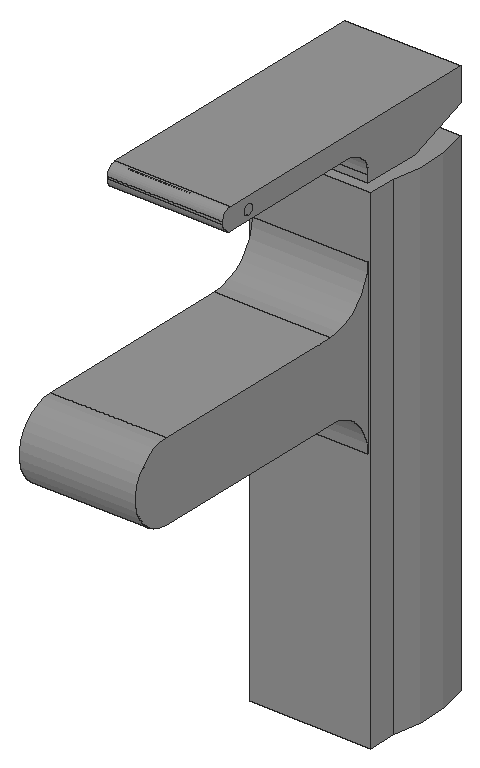
Revit family "Kohler Singulier 10860A-4ND-CP Family", category Plumbing Fixtures, Revit 2018
Family settings
  Round Connector Dimension = Use Diameter
  Part Type = Normal
  Work Plane-Based = No
  Always vertical = Yes
  Cut with Voids When Loaded = No
  Shared = No
  Room Calculation Point = No
Parameters (values of type "Kohler Singulier 10860A-4ND-CP")
  Width = 37 mm
  URL = "www.africa.kohler.com"
  Telephone = "011 050 9000"  # constant formula
  Model = "Kohler Singulier 10860A-4ND-CP"  # constant formula
  Material = Chrome
  Manufacturer = "Kohler Co"  # constant formula
  Height = 179 mm
  HW Material = Red
  HW Connection Fixture = 5 mm
  Email = "contact.africa@kohler.com"  # constant formula
  Depth = 130 mm
  Disclaimer = "Although care has been taken to ensure, to the best of our knowledge, that all data and information contained herein is accurate to the extent that it relates to either matters of fact or accepted practice at the time of issue. MDFC (Pty) Ltd assumes no responsibility for any errors in, or misinterpretation of, such data and/ or information or any loss or damage arising from, or related to its use."  # constant formula
  Company Address = "Block C Unit 2, Coachman’s Crossing Office Park, 4 Brian St, Lyme Park, Johannesburg, 2191"  # constant formula
  CW Material = Blue
  CW Connection Fixture = 5 mm
Reference planes
  plane 1 "Center (Front/Back)": y = 0
  plane 2: z = 0
  plane 3 "Center (Left/Right)": x = 0
Forms (mm)
  Extrusion 1, solid, material "Chrome" <- "Material"
    sketch origin (0, 201.209, 0) x (0, 1, 0) y (0, 0, 1)
      loop
        line (-187.065, 62.257) -> (-187.065, 221.257) -> (-224.065, 221.257) -> (-224.065, 201.257)
        arc (-224.065, 201.257) -> (-228.458, 190.65) -> (-239.065, 186.257) r 15
        line (-239.065, 186.257) -> (-304.565, 186.257)
        arc (-304.565, 186.257) -> (-317.065, 173.757) -> (-304.565, 161.257) r 12.5
        line (-304.565, 161.257) -> (-239.065, 161.257)
        arc (-239.065, 161.257) -> (-228.458, 156.863) -> (-224.065, 146.257) r 15
        line (-224.065, 146.257) -> (-224.065, 62.257) -> (-187.065, 62.257)
    from 0 to 37
  Extrusion 2, solid, material "Chrome" <- "Material"
    sketch origin (0, 201.209, 0) x (1, 0, 0) y (0, 1, 0)
      loop
        arc (0, -187.065) -> (-2.632, -201.209) -> (-0.916, -215.494) r 47.584
        line (-0.916, -215.494) -> (-0.916, -224.065) -> (0, -224.065) -> (0, -218.419) -> (0, -187.065)
      loop
        line (37, -187.065) -> (37, -218.419) -> (37, -224.065) -> (37.916, -224.065) -> (37.916, -215.494)
        arc (37.916, -215.494) -> (39.632, -201.209) -> (37, -187.065) r 47.584
    from 62.257 to 221.257
  Extrusion 3, solid, material "Chrome" <- "Material"
    sketch origin (0, 201.209, 0) x (0, 1, 0) y (0, 0, 1)
      loop
        line (-205.565, 223.853) -> (-187.065, 230.587) -> (-187.065, 241.257) -> (-279.065, 241.257)
        arc (-279.065, 241.257) -> (-281.186, 240.378) -> (-282.065, 238.257) r 3
        line (-282.065, 238.257) -> (-282.065, 237.471)
        arc (-282.065, 237.471) -> (-281.128, 235.208) -> (-278.865, 234.271) r 3.2
        line (-278.865, 234.271) -> (-232.086, 234.271)
        arc (-232.086, 234.271) -> (-226.414, 231.922) -> (-224.065, 226.25) r 8.021
        line (-224.065, 226.25) -> (-224.065, 223.853) -> (-205.565, 223.853)
    from 0 to 37
  Extrusion 4, solid, material "Chrome" <- "Material"
    sketch origin (0, 201.209, 0) x (1, 0, 0) y (0, 1, 0)
      loop
        circle (18.5, -205.565) r 15
    from 221.257 to 234.271
  Extrusion 5, solid
    sketch origin (0, 201.209, 0) x (0, 1, 0) y (0, 0, 1)
      loop
        circle (-272.207, 237.471) r 1.5
    from -0.172 to 37.198
  Extrusion 6, solid
    sketch origin (0, 201.209, 0) x (1, 0, 0) y (0, 1, 0)
      loop
        circle (29.627, -201.209) r 2.5
      loop
        circle (6.081, -201.209) r 2.5
    from 60.951 to 94.333
Cuts and joins
  joined: Extrusion 1, Extrusion 2, Extrusion 3, Extrusion 4
Dimensions and locks
  "Height": cut or joined group of Extrusion 1, Extrusion 2, Extrusion 3, Extrusion 4 to cut or joined group of Extrusion 1, Extrusion 2, Extrusion 3, Extrusion 4
  "Width": cut or joined group of Extrusion 1, Extrusion 2, Extrusion 3, Extrusion 4 to cut or joined group of Extrusion 1, Extrusion 2, Extrusion 3, Extrusion 4
  "Depth": cut or joined group of Extrusion 1, Extrusion 2, Extrusion 3, Extrusion 4 to cut or joined group of Extrusion 1, Extrusion 2, Extrusion 3, Extrusion 4
  "HW Connection Fixture": diameter of Extrusion 6
  "CW Connection Fixture": diameter of Extrusion 6
  aligned and locked: level to plane 2
  aligned and locked: Extrusion 2 to Extrusion 1  (x2)
  aligned and locked: Extrusion 4 to cut or joined group of Extrusion 1, Extrusion 2, Extrusion 3, Extrusion 4
Automatic sketch dimensions
  level to Extrusion 1 sketch curve = 161.257 mm
  plane 1 "Center (Front/Back)" to Extrusion 1 sketch curve = 103.356 mm
  Extrusion 1 sketch curve to Extrusion 1 sketch curve = 65.5 mm
  Extrusion 1 sketch curve to Extrusion 1 sketch curve = 0 mm
  Extrusion 1 sketch curve to Extrusion 1 sketch curve = 15 mm  (x2)
  Extrusion 1 sketch curve to Extrusion 1 sketch curve = 37 mm
  level to Extrusion 1 sketch curve = 62.257 mm
  Extrusion 1 sketch curve to Extrusion 1 sketch curve = 12.5 mm
  Extrusion 1 sketch curve to Extrusion 1 sketch curve = 20 mm
  Extrusion 2 sketch curve to plane 3 "Center (Left/Right)" = 0 mm
  Extrusion 2 sketch curve to plane 3 "Center (Left/Right)" = 0.916 mm
  Extrusion 2 sketch curve to plane 3 "Center (Left/Right)" = 7.927 mm
  Extrusion 2 sketch curve to Extrusion 2 sketch curve = 37 mm
  Extrusion 2 sketch curve to Extrusion 2 sketch curve = 0.916 mm
  Extrusion 2 sketch curve to Extrusion 2 sketch curve = 7.011 mm
  plane 1 "Center (Front/Back)" to Extrusion 2 sketch curve = 22.856 mm
  Extrusion 2 sketch curve to Extrusion 2 sketch curve = 0 mm
  Extrusion 2 sketch curve to Extrusion 2 sketch curve = 5.646 mm  (x2)
  Extrusion 2 sketch curve to Extrusion 2 sketch curve = 2.925 mm  (x2)
  Extrusion 2 sketch curve to Extrusion 2 sketch curve = 12.752 mm  (x2)
  plane 1 "Center (Front/Back)" to Extrusion 3 sketch curve = 80.856 mm
  Extrusion 3 sketch curve to Extrusion 3 sketch curve = 3 mm
  Extrusion 3 sketch curve to Extrusion 3 sketch curve = 0.2 mm
  Extrusion 3 sketch curve to Extrusion 3 sketch curve = 46.779 mm
  Extrusion 3 sketch curve to Extrusion 3 sketch curve = 8.021 mm
  Extrusion 3 sketch curve to Extrusion 3 sketch curve = 18.5 mm  (x2)
  level to Extrusion 3 sketch curve = 223.853 mm
  Extrusion 3 sketch curve to Extrusion 3 sketch curve = 2.397 mm
  Extrusion 3 sketch curve to Extrusion 3 sketch curve = 6.733 mm
  Extrusion 3 sketch curve to Extrusion 3 sketch curve = 0.786 mm
  plane 3 "Center (Left/Right)" to Extrusion 4 sketch curve = 18.5 mm
  plane 1 "Center (Front/Back)" to Extrusion 4 sketch curve = 4.356 mm
  plane 1 "Center (Front/Back)" to Extrusion 5 sketch curve = 70.998 mm
  level to Extrusion 5 sketch curve = 237.471 mm
  plane 3 "Center (Left/Right)" to Extrusion 6 sketch curve = 6.081 mm
  Extrusion 6 sketch curve to Extrusion 6 sketch curve = 23.546 mm
  plane 1 "Center (Front/Back)" to Extrusion 6 sketch curve = 0 mm
  Extrusion 6 sketch curve to Extrusion 6 sketch curve = 0 mm
  radius of Extrusion 4 sketch curve = 15 mm
  radius of Extrusion 5 sketch curve = 1.5 mm
  radius of Extrusion 6 sketch curve = 2.5 mm  (x2)
Connectors
  piping at (29.627, 0, 60.951), diameter 5, driven by "CW Connection Fixture"
    settings: on Extrusion 6, index 1, connector inside diameter 609.6 mm, connector length 0 mm, flow factor 0, pipe flow 0.0 L/s, pressure drop 0.0 Pa, fitting loss kfactor 0, connector angle 0.00°, fixture units 0, engagement length 0 mm, angle of deflection 0.00°, flow configuration 0, flow direction 0, fitting loss method 0, system type 20, joint type 0, gender type 0, connector reference index -1, connector utility 0, adjustable connector no, is connector primary yes, connector description ""
  piping at (6.081, 0, 60.951), diameter 5, driven by "HW Connection Fixture"
    settings: on Extrusion 6, index 2, connector inside diameter 609.6 mm, connector length 0 mm, flow factor 0, pipe flow 0.0 L/s, pressure drop 0.0 Pa, fitting loss kfactor 0, connector angle 0.00°, fixture units 0, engagement length 0 mm, angle of deflection 0.00°, flow configuration 0, flow direction 0, fitting loss method 0, system type 19, joint type 0, gender type 0, connector reference index -1, connector utility 0, adjustable connector no, is connector primary no, connector description ""
